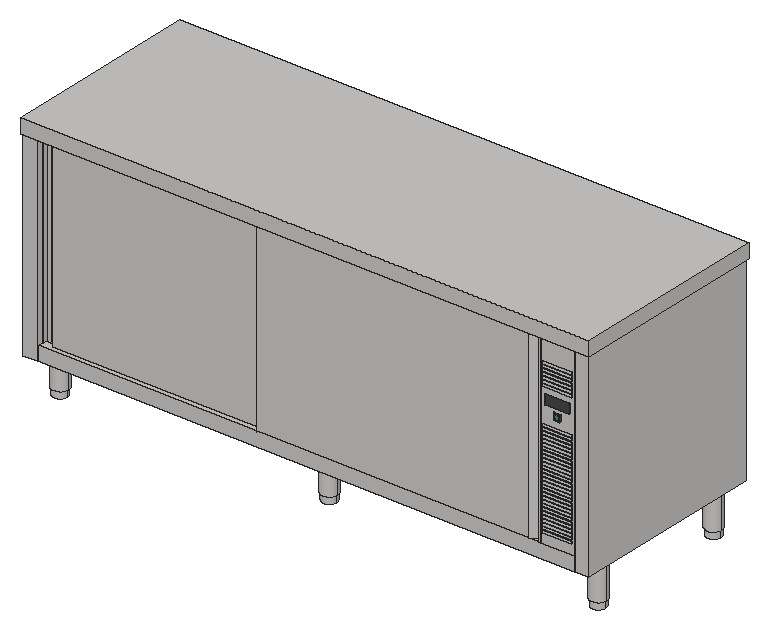
Revit family "QF_ELECTROLUXPROFESSIONAL_132790_MTC2000PN", category Attrezzature speciali, Revit 2020
Family settings
  Quota connettore circolare = Usa diametro
  Tipo di parte = Normale
  Basato su piano di lavoro = No
  Sempre verticale = Sì
  Taglio con vuoti quando caricato = No
  Condiviso = No
  Punto di calcolo locali = No
Parameters (values of type "Standard")
  Weight = 75.00 kg
  Watts = 2400 W
  Volts = 220 V
  URL Manufacturer = "https://www.electroluxprofessional.com/"
  URL = "https://www.electroluxprofessional.com/"
  Steam Supply Size = 0 mm
  Steam Supply Minimum Pressure = 0.0 Pa
  Steam Supply Maximum Pressure = 0.0 Pa
  Steam Consumption per Hour = 0
  Refrigeration Suction Line Size = 0.0 mm
  Refrigeration Liquid Line Size = 0.0 mm
  Refrigerant Compressor Remote = yes
  Prospetto di default = 0.0 mm
  Produttore = "Electrolux Professional"
  Phase = 1
  Modello = "MTC2000PN"
  Length Actual = 2000.0 mm  # constant formula
  Item Number = "132790"
  Hot Water Size = 0 mm
  Height Actual = 900.0 mm  # constant formula
  HP = "3.2 HP"
  Gas Size = 0 mm
  Gas KW = 0
  Gas Input Pressure = 0 W
  Direct Waste Size = 0 mm
  Descrizione = "HOT CUPB.VENTIL.+SHELF+SLIDING D. 2000MM"
  Depth Actual = 700.0 mm  # constant formula
  Cycle = 50 Hz
  Condensate Return Size = 0 mm
  Compressed Air Volume = 0.0 L/s
  Compressed Air Size = 0 mm
  Compressed Air Pressure = 0.0 Pa
  Cold Water Size = 0 mm
  Accessory = yes
Reference planes
  plane 1 "Center (Front/Back)": y = 0
  plane 2: z = 0
  plane 3 "Center (Left/Right)": x = -500
  plane 4 "LEFT": x = -1500
  plane 5 "RIGHT": x = 500
  plane 6 "BACK": y = 350
  plane 7 "FRONT": y = -350
  plane 8 "Base": z = 850
  plane 9 "TOP": z = 900
  plane 10: x = -1446.5
  plane 11: x = 446.5
  plane 12: y = 264.5
  plane 13: y = -241.5
  plane 14 "BodyLeft": x = -1494.5
  plane 15 "BodyFront": y = -344.5
  plane 16 "BodyRight": x = 494.5
  plane 17 "BodyBack": y = 344.5
  plane 18 "FEET": z = 150
  plane 19: x = 324.5
  plane 20: x = -561
  plane 21: x = 444.5
  plane 22 "EIx": x = 400
  plane 23 "EIy": y = -170
Forms (mm)
  Extrusion 1, solid, material "QF_Finishes_Stainless Steel"
    sketch origin (-500, 0, 0) x (0, 1, 0) y (0, 0, 1)
      loop
        line (-350, 850) -> (350, 850) -> (350, 900) -> (-350, 900) -> (-350, 850)
    from 1000 to -1000
  Extrusion 2, solid, material "QF_Finishes_Stainless Steel"
    sketch origin (0, 0, 150) x (-1, 0, 0) y (0, -1, 0)
      loop
        line (1494.5, -344.5) -> (1494.5, 344.5) -> (1444.5, 344.5) -> (1444.5, -344.5) -> (1494.5, -344.5)
      loop
        line (-444.5, -344.5) -> (-444.5, 344.5) -> (-494.5, 344.5) -> (-494.5, -344.5) -> (-444.5, -344.5)
    from 0 to 700
  Extrusion 3, solid, material "QF_Finishes_Stainless Steel"
    sketch origin (0, 0, 150) x (-1, 0, 0) y (0, -1, 0)
      loop
        line (1444.5, -344.5) -> (1444.5, 344.5) -> (-444.5, 344.5) -> (-444.5, -344.5) -> (1444.5, -344.5)
    from 0 to 50
  Extrusion 4, solid, material "QF_Finishes_Stainless Steel"
    sketch origin (-1, 0, 150) x (-1, 0, 0) y (0, -1, 0)
      loop
        line (-325.5, 344.5) -> (-325.5, 324.5) -> (670.5, 324.5) -> (670.5, 344.5) -> (-285.5, 344.5) -> (-305.5, 329.5) -> (-320.5, 329.5) -> (-320.5, 344.5) -> (-325.5, 344.5)
    from 50 to 700
  Extrusion 5, solid, material "QF_Finishes_Stainless Steel"
    sketch origin (1, 20, 150) x (1, 0, 0) y (0, 1, 0)
      loop
        line (-1445.5, -344.5) -> (-1440.5, -344.5) -> (-1440.5, -329.5) -> (-1425.5, -329.5) -> (-1405.5, -344.5) -> (-451.5, -344.5) -> (-451.5, -324.5) -> (-1445.5, -324.5) -> (-1445.5, -344.5)
    from 50 to 700
  Extrusion 6, solid, material "QF_Finishes_Stainless Steel"
    sketch origin (0, 0, 0) x (1, 0, 0) y (0, 1, 0)
      loop
        line (-1444.5, -304.5) -> (324.5, -304.5) -> (324.5, 324.5) -> (-1444.5, 324.5) -> (-1444.5, -304.5)
    from 500 to 540
  Extrusion 7, solid, material "QF_Finishes_Stainless Steel"
    sketch origin (0, 0, 0) x (1, 0, 0) y (0, 1, 0)
      loop
        line (444.5, 344.5) -> (-1444.5, 344.5) -> (-1444.5, 324.5) -> (444.5, 324.5) -> (444.5, 344.5)
    from 200 to 850
  Extrusion 8, solid, material "QF_Finishes_Stainless Steel"
    sketch origin (0, 0, 150) x (-1, 0, 0) y (0, -1, 0)
      loop
        circle (-400, 170) r 10
    from 0 to -5
Cuts and joins
  joined: Extrusion 3, Extrusion 7
Lines and regions (mm)
  symbolic lines
    curve 1: line (500, 350, 900) -> (-1500, 350, 900)
    curve 2: line (-1500, 350, 900) -> (-1500, -350, 900)
    curve 3: line (-1500, -350, 900) -> (500, -350, 900)
    curve 4: line (500, -350, 900) -> (500, 350, 900)
  symbolic lines, style "SpecialityEquipmentHiddenLines"
    curve 5: line (-1494.5, 344.5, 150) -> (494.5, 344.5, 150)
    curve 6: line (-1494.5, -344.5, 150) -> (-1494.5, 344.5, 150)
    curve 7: line (494.5, -344.5, 150) -> (-1494.5, -344.5, 150)
    curve 8: line (494.5, 344.5, 150) -> (494.5, -344.5, 150)
    curve 9: line (-1445.5, -304.5, 150) -> (-449.5, -304.5, 150)
    curve 10: line (-449.5, -304.5, 150) -> (-449.5, -324.5, 150)
    curve 11: line (-1445.5, -324.5, 150) -> (444.5, -324.5, 150)
    curve 12: line (444.5, -324.5, 150) -> (444.5, -344.5, 150)
    curve 13: line (-1445.5, -304.5, 150) -> (-1445.5, -324.5, 150)
    curve 14: line (-671.5, -344.5, 0) -> (-671.5, -324.5, 0)
Dimensions and locks
  plane 4 "LEFT" to plane 5 "RIGHT" = 2000.0 mm
  equal spacing: plane 4 "LEFT", plane 3 "Center (Left/Right)", plane 5 "RIGHT"
  locked: plane 8 "Base" to level at 850
  plane 9 "TOP" to level = 900.0 mm
  plane 6 "BACK" to plane 7 "FRONT" = 700.0 mm
  equal spacing: plane 6 "BACK", plane 1 "Center (Front/Back)", plane 7 "FRONT"
  locked: plane 4 "LEFT" to plane 14 "BodyLeft" at 5.5
  locked: plane 16 "BodyRight" to plane 5 "RIGHT" at 5.5
  locked: plane 15 "BodyFront" to plane 7 "FRONT" at 5.5
  locked: plane 6 "BACK" to plane 17 "BodyBack" at 5.5
  locked: plane 14 "BodyLeft" to plane 10 at 48
  locked: plane 11 to plane 16 "BodyRight" at 48
  locked: plane 13 to plane 15 "BodyFront" at 103
  locked: plane 17 "BodyBack" to plane 12 at 80
  plane 10 to plane 11 = 1893.0 mm
  plane 12 to plane 13 = 506.0 mm
  locked: plane 14 "BodyLeft" to Extrusion 2 sketch curve at 50
  locked: Extrusion 2 sketch curve to Extrusion 2 sketch curve at 50
  equal spacing: plane 10, plane 20, plane 19
  locked: plane 21 to plane 16 "BodyRight" at 50
  locked: plane 19 to plane 21 at 120
  locked: Extrusion 4 sketch curve to plane 20 at 110.5
  locked: plane 20 to Extrusion 5 sketch curve at 110.5
  locked: plane 18 "FEET" to level at 150
  locked: plane 22 "EIx" to plane 5 "RIGHT" at 100
  plane 23 "EIy" to plane 7 "FRONT" = 180.0 mm
  aligned and locked: level to plane 2
  aligned and locked: plane 10 to nested 1
  aligned and locked: nested 1 to plane 13
  aligned and locked: plane 11 to nested 2
  aligned and locked: nested 2 to plane 13
  aligned and locked: plane 11 to nested 4
  aligned and locked: nested 4 to plane 12
  aligned and locked: plane 10 to nested 3
  aligned and locked: nested 3 to plane 12
  aligned and locked: Extrusion 1 to plane 4 "LEFT"
  aligned and locked: plane 5 "RIGHT" to Extrusion 1
  aligned and locked: curve 2 to plane 4 "LEFT"
  aligned and locked: plane 17 "BodyBack" to Extrusion 2 sketch curve
  aligned and locked: Extrusion 2 sketch curve to plane 15 "BodyFront"
  aligned and locked: Extrusion 2 sketch curve to plane 14 "BodyLeft"
  aligned and locked: plane 16 "BodyRight" to Extrusion 2 sketch curve
  aligned and locked: Extrusion 2 sketch curve to plane 17 "BodyBack"
  aligned and locked: plane 15 "BodyFront" to Extrusion 2 sketch curve
  aligned and locked: Extrusion 3 sketch curve to plane 17 "BodyBack"
  aligned and locked: plane 15 "BodyFront" to Extrusion 3 sketch curve
  aligned and locked: plane 8 "Base" to Extrusion 2
  aligned and locked: plane 8 "Base" to Extrusion 4
  aligned and locked: Extrusion 4 to Extrusion 3
  aligned and locked: Extrusion 1 to plane 8 "Base"
  aligned and locked: plane 9 "TOP" to Extrusion 1
  aligned and locked: curve 5 to plane 17 "BodyBack"
  aligned and locked: plane 14 "BodyLeft" to curve 6
  aligned and locked: plane 15 "BodyFront" to curve 7
  aligned and locked: plane 16 "BodyRight" to curve 8
  aligned and locked: Extrusion 3 to Extrusion 2  (x2)
  aligned and locked: Extrusion 6 sketch curve to Extrusion 2
  aligned and locked: Extrusion 6 sketch curve to Extrusion 5
  aligned and locked: nested 5 to plane 21
  aligned and locked: Extrusion 7 sketch curve to Extrusion 2
  aligned and locked: Extrusion 6 sketch curve to plane 19
  aligned and locked: plane 3 "Center (Left/Right)" to nested 6
  aligned and locked: plane 3 "Center (Left/Right)" to nested 7
Automatic sketch dimensions
  curve 14 to plane 15 "BodyFront" = 0.0 mm
  plane 15 "BodyFront" to curve 14 = 20.0 mm
  curve 14 to plane 20 = 110.5 mm
  curve 3 to plane 7 "FRONT" = 0.0 mm
  curve 4 to plane 6 "BACK" = 0.0 mm
  Extrusion 1 sketch curve to plane 7 "FRONT" = 0.0 mm
  Extrusion 1 sketch curve to plane 6 "BACK" = 0.0 mm
  Extrusion 1 sketch curve to plane 8 "Base" = 0.0 mm
  Extrusion 1 sketch curve to plane 9 "TOP" = 0.0 mm
  Extrusion 3 sketch curve to plane 21 = 0.0 mm
  plane 10 to Extrusion 3 sketch curve = 2.0 mm
  Extrusion 4 sketch curve to plane 19 = 0.0 mm
  Extrusion 4 sketch curve to plane 15 "BodyFront" = 0.0 mm  (x2)
  Extrusion 4 sketch curve to Extrusion 4 sketch curve = 5.0 mm
  Extrusion 4 sketch curve to Extrusion 4 sketch curve = 15.0 mm  (x2)
  Extrusion 4 sketch curve to Extrusion 4 sketch curve = 20.0 mm  (x2)
  Extrusion 5 sketch curve to plane 15 "BodyFront" = 20.0 mm  (x2)
  Extrusion 5 sketch curve to plane 10 = 42.0 mm
  Extrusion 5 sketch curve to plane 10 = 22.0 mm
  Extrusion 5 sketch curve to plane 10 = 7.0 mm
  Extrusion 5 sketch curve to plane 10 = 2.0 mm
  Extrusion 5 sketch curve to Extrusion 5 sketch curve = 15.0 mm
  Extrusion 5 sketch curve to Extrusion 5 sketch curve = 20.0 mm
  curve 12 to plane 21 = 0.0 mm
  curve 7 to plane 15 "BodyFront" = 0.0 mm
  plane 3 "Center (Left/Right)" to curve 9 = 50.5 mm
  plane 10 to curve 11 = 1.0 mm
  plane 15 "BodyFront" to curve 9 = 40.0 mm
  curve 11 to curve 12 = 20.0 mm
  plane 12 to Extrusion 6 sketch curve = 60.0 mm
  Extrusion 7 sketch curve to plane 17 "BodyBack" = 0.0 mm
  Extrusion 7 sketch curve to plane 21 = 0.0 mm
  Extrusion 7 sketch curve to plane 17 "BodyBack" = 20.0 mm
  curve 4 to plane 5 "RIGHT" = 0.0 mm
  Extrusion 8 sketch curve to plane 22 "EIx" = 0.0 mm
  Extrusion 8 sketch curve to plane 23 "EIy" = 0.0 mm
  radius of Extrusion 8 sketch curve = 10.0 mm
Nested families
  nested 1: "FEET_D58-150" at (-1446.5, -241.5, 0), type "FEET_D58-150"
  nested 2: "FEET_D58-150" at (446.5, -241.5, 0), type "FEET_D58-150"
  nested 3: "FEET_D58-150" at (-1446.5, 264.5, 0), type "FEET_D58-150"
  nested 4: "FEET_D58-150" at (446.5, 264.5, 0), type "FEET_D58-150"
  nested 5: "WT_PNL120x650" at (531.42, -304.5, 600) x (1, 0, 0) z (0, -1, 0), type "WT_PNL120x650"
    with Show Logo yes
  nested 6: "FEET_D58-150" at (-500, -241.5, 0), type "FEET_D58-150"
  nested 7: "FEET_D58-150" at (-500, 264.5, 0), type "FEET_D58-150"
Connectors
  electrical at (400, -170, 145)
    settings: on Extrusion 8, index 1, voltage 0 V, apparent load 0 VA, apparent load phase1 0 VA, apparent load phase2 0 VA, apparent load phase3 0 VA, power factor 1, load classification "Other", number of poles 1, system type 30, power factor state 1, is connector primary yes, connector utility no, sub classification motor no, connector description "Electrical connection"
Definition of nested family "FEET_D58-150"
  Parameters
    Default Elevation = 0.0 mm
    FEET = 150.0 mm
  Reference planes
    plane 1 "Center (Front/Back)": y = 0
    plane 2: z = 0
    plane 3 "Center (Left/Right)": x = 0
    plane 4: z = 150
  Forms (mm)
    Extrusion 1, solid
      sketch origin (0, 0, 0) x (1, 0, 0) y (0, 1, 0)
        loop
          circle (0, 0) r 25
      from 0 to 25
    Extrusion 2, solid
      sketch origin (0, 0, 0) x (1, 0, 0) y (0, 1, 0)
        loop
          circle (0.061, 0) r 29
      from 25 to 150 <- "FEET"
  Lines and regions (mm)
    symbolic lines
      curve 1: line (0, -1.503, 0) -> (0, 1.508, 0)
      curve 2: line (1.561, 0, 0) -> (-1.439, 0, 0)
  Dimensions and locks
    "FEET": plane 4 to plane 2
    aligned and locked: level to plane 2
  Automatic sketch dimensions
    plane 1 "Center (Front/Back)" to Extrusion 1 sketch curve = 0.0 mm
    Extrusion 1 sketch curve to plane 3 "Center (Left/Right)" = 0.0 mm
    plane 1 "Center (Front/Back)" to curve 2 = 0.0 mm
    curve 1 to plane 3 "Center (Left/Right)" = 0.0 mm
    curve 2 to plane 3 "Center (Left/Right)" = 1.439 mm
    plane 3 "Center (Left/Right)" to curve 2 = 1.561 mm
    plane 1 "Center (Front/Back)" to curve 1 = 1.503 mm
    curve 1 to plane 1 "Center (Front/Back)" = 1.508 mm
    plane 1 "Center (Front/Back)" to Extrusion 2 sketch curve = 0.0 mm
    plane 3 "Center (Left/Right)" to Extrusion 2 sketch curve = 0.061 mm
    radius of Extrusion 1 sketch curve = 25.0 mm
    radius of Extrusion 2 sketch curve = 29.0 mm
Definition of nested family "WT_PNL120x650"
  Parameters
    Show Logo [instance] = yes
    Default Elevation = 1219.2 mm
  Reference planes
    plane 1 "Center (Front/Back)": y = -75
    plane 2: z = 0
    plane 3 "Center (Left/Right)": x = -146.92
    plane 4: x = -206.92
    plane 5: x = -86.92
    plane 6: y = 250
    plane 7: y = -400
    plane 8 "TOP": z = 40
  Forms (mm)
    Extrusion 1, solid
      sketch origin (0, 0, 0) x (1, 0, 0) y (0, 1, 0)
        loop
          line (-1219.2, 1219.2) -> (-1219.2, -1219.2) -> (1219.2, -1219.2) -> (1219.2, 1219.2) -> (-1219.2, 1219.2)
      from 0 to -304.8
    Extrusion 2, solid
      sketch origin (0, 0, 0) x (1, 0, 0) y (0, 1, 0)
        loop
          line (-206.92, 250) -> (-206.92, -400) -> (-86.92, -400) -> (-86.92, 250) -> (-206.92, 250)
      from 0 to 40
    Extrusion 3, void
      sketch origin (0, 0, 40) x (-1, 0, 0) y (0, -1, 0)
        loop
          arc (101.92, -68.899) -> (103.795, -73.256) -> (108.247, -74.89) r 6
          line (108.247, -74.89) -> (185.92, -74.89)
          arc (185.92, -74.89) -> (190.163, -73.133) -> (191.92, -68.89) r 6
          line (191.92, -68.89) -> (191.92, -45.89)
          arc (191.92, -45.89) -> (190.163, -41.648) -> (185.92, -39.89) r 6
          line (185.92, -39.89) -> (107.92, -39.89)
          arc (107.92, -39.89) -> (103.677, -41.648) -> (101.92, -45.89) r 6
          line (101.92, -45.89) -> (101.92, -68.899)
        loop
          line (158.92, -27.89) -> (158.92, -2.89) -> (134.92, -2.89) -> (134.92, -27.89) -> (158.92, -27.89)
      from -2 to 0
    Extrusion 4, solid
      sketch origin (0, 0, 40) x (-1, 0, 0) y (0, -1, 0)
        loop
          line (185.92, -39.89) -> (107.92, -39.89)
          arc (107.92, -39.89) -> (103.677, -41.648) -> (101.92, -45.89) r 6
          line (101.92, -45.89) -> (101.92, -68.899)
          arc (101.92, -68.899) -> (103.795, -73.256) -> (108.247, -74.89) r 6
          line (108.247, -74.89) -> (185.92, -74.89)
          arc (185.92, -74.89) -> (190.163, -73.133) -> (191.92, -68.89) r 6
          line (191.92, -68.89) -> (191.92, -45.89)
          arc (191.92, -45.89) -> (190.163, -41.648) -> (185.92, -39.89) r 6
      from -2 to 1
    Extrusion 5, solid
      sketch origin (-146.92, 0, 0) x (0, 1, 0) y (0, 0, 1)
        loop
          line (95.896, 40) -> (104.899, 40) -> (95.896, 41.206) -> (95.896, 40)
        loop
          line (107.896, 40) -> (116.899, 40) -> (107.896, 41.206) -> (107.896, 40)
        loop
          line (119.896, 40) -> (128.899, 40) -> (119.896, 41.206) -> (119.896, 40)
        loop
          line (131.896, 40) -> (140.899, 40) -> (131.896, 41.206) -> (131.896, 40)
        loop
          line (143.896, 40) -> (152.899, 40) -> (143.896, 41.206) -> (143.896, 40)
        loop
          line (155.896, 40) -> (164.899, 40) -> (155.896, 41.206) -> (155.896, 40)
        loop
          line (167.896, 40) -> (176.899, 40) -> (167.896, 41.206) -> (167.896, 40)
        loop
          line (-102.104, 40) -> (-93.101, 40) -> (-102.104, 41.206) -> (-102.104, 40)
        loop
          line (-90.104, 40) -> (-81.101, 40) -> (-90.104, 41.206) -> (-90.104, 40)
        loop
          line (-78.104, 40) -> (-69.101, 40) -> (-78.104, 41.206) -> (-78.104, 40)
        loop
          line (-66.104, 40) -> (-57.101, 40) -> (-66.104, 41.206) -> (-66.104, 40)
        loop
          line (-54.104, 40) -> (-45.101, 40) -> (-54.104, 41.206) -> (-54.104, 40)
        loop
          line (-42.104, 40) -> (-33.101, 40) -> (-42.104, 41.206) -> (-42.104, 40)
        loop
          line (-30.104, 40) -> (-21.101, 40) -> (-30.104, 41.206) -> (-30.104, 40)
        loop
          line (-174.104, 40) -> (-165.101, 40) -> (-174.104, 41.206) -> (-174.104, 40)
        loop
          line (-162.104, 40) -> (-153.101, 40) -> (-162.104, 41.206) -> (-162.104, 40)
        loop
          line (-150.104, 40) -> (-141.101, 40) -> (-150.104, 41.206) -> (-150.104, 40)
        loop
          line (-138.104, 40) -> (-129.101, 40) -> (-138.104, 41.206) -> (-138.104, 40)
        loop
          line (-126.104, 40) -> (-117.101, 40) -> (-126.104, 41.206) -> (-126.104, 40)
        loop
          line (-114.104, 40) -> (-105.101, 40) -> (-114.104, 41.206) -> (-114.104, 40)
        loop
          line (-246.104, 40) -> (-237.101, 40) -> (-246.104, 41.206) -> (-246.104, 40)
        loop
          line (-234.104, 40) -> (-225.101, 40) -> (-234.104, 41.206) -> (-234.104, 40)
        loop
          line (-222.104, 40) -> (-213.101, 40) -> (-222.104, 41.206) -> (-222.104, 40)
        loop
          line (-210.104, 40) -> (-201.101, 40) -> (-210.104, 41.206) -> (-210.104, 40)
        loop
          line (-198.104, 40) -> (-189.101, 40) -> (-198.104, 41.206) -> (-198.104, 40)
        loop
          line (-186.104, 40) -> (-177.101, 40) -> (-186.104, 41.206) -> (-186.104, 40)
        loop
          line (-318.104, 40) -> (-309.101, 40) -> (-318.104, 41.206) -> (-318.104, 40)
        loop
          line (-306.104, 40) -> (-297.101, 40) -> (-306.104, 41.206) -> (-306.104, 40)
        loop
          line (-294.104, 40) -> (-285.101, 40) -> (-294.104, 41.206) -> (-294.104, 40)
        loop
          line (-282.104, 40) -> (-273.101, 40) -> (-282.104, 41.206) -> (-282.104, 40)
        loop
          line (-270.104, 40) -> (-261.101, 40) -> (-270.104, 41.206) -> (-270.104, 40)
        loop
          line (-258.104, 40) -> (-249.101, 40) -> (-258.104, 41.206) -> (-258.104, 40)
        loop
          line (-366.104, 40) -> (-357.101, 40) -> (-366.104, 41.206) -> (-366.104, 40)
        loop
          line (-354.104, 40) -> (-345.101, 40) -> (-354.104, 41.206) -> (-354.104, 40)
        loop
          line (-342.104, 40) -> (-333.101, 40) -> (-342.104, 41.206) -> (-342.104, 40)
        loop
          line (-330.104, 40) -> (-321.101, 40) -> (-330.104, 41.206) -> (-330.104, 40)
      from -50 to 50
    Extrusion 6, solid
      sketch origin (0, 0, 40) x (-1, 0, 0) y (0, -1, 0)
        loop
          line (134.92, -27.89) -> (158.92, -27.89) -> (158.92, -2.89) -> (134.92, -2.89) -> (134.92, -27.89)
        loop
          circle (146.92, -15.39) r 9
      from -2 to 3
    Extrusion 7, solid
      sketch origin (0, 0, 40) x (-1, 0, 0) y (0, -1, 0)
        loop
          circle (146.92, -15.39) r 9
      from 0 to 3
  Cuts and joins
    Extrusion 3 cuts Extrusion 2
  Dimensions and locks
    equal spacing: plane 6, plane 1 "Center (Front/Back)", plane 7
    equal spacing: plane 4, plane 3 "Center (Left/Right)", plane 5
    plane 8 "TOP" to level = 40.0 mm
    aligned and locked: plane 2 to Extrusion 1
    aligned and locked: level to Extrusion 1
  Automatic sketch dimensions
    Extrusion 1 sketch curve to Extrusion 1 sketch curve = 2438.4 mm  (x2)
    Extrusion 2 sketch curve to plane 4 = 0.0 mm
    Extrusion 2 sketch curve to plane 5 = 0.0 mm
    Extrusion 2 sketch curve to plane 7 = 0.0 mm
    Extrusion 2 sketch curve to plane 6 = 0.0 mm
    Extrusion 5 sketch curve to plane 8 "TOP" = 0.0 mm  (x36)
    Extrusion 5 sketch curve to Extrusion 5 sketch curve = 9.003 mm  (x35)
    plane 8 "TOP" to Extrusion 5 sketch curve = 1.206 mm  (x22)
    Extrusion 5 sketch curve to Extrusion 5 sketch curve = 2.997 mm  (x33)
    plane 1 "Center (Front/Back)" to Extrusion 5 sketch curve = 6.101 mm
    plane 1 "Center (Front/Back)" to Extrusion 5 sketch curve = 3.104 mm
    Extrusion 5 sketch curve to plane 1 "Center (Front/Back)" = 5.899 mm
    Extrusion 5 sketch curve to Extrusion 5 sketch curve = 116.997 mm
    Extrusion 5 sketch curve to Extrusion 5 sketch curve = 1.206 mm  (x14)
    Extrusion 4 sketch curve to plane 5 = 15.0 mm
    Extrusion 4 sketch curve to Extrusion 4 sketch curve = 6.0 mm  (x3)
    Extrusion 4 sketch curve to Extrusion 4 sketch curve = 0.327 mm
    plane 4 to Extrusion 4 sketch curve = 21.0 mm  (x2)
    Extrusion 4 sketch curve to plane 1 "Center (Front/Back)" = 149.89 mm
    Extrusion 4 sketch curve to Extrusion 4 sketch curve = 23.009 mm
    Extrusion 3 sketch curve to plane 5 = 15.0 mm
    Extrusion 3 sketch curve to Extrusion 3 sketch curve = 6.0 mm  (x3)
    Extrusion 3 sketch curve to Extrusion 3 sketch curve = 0.327 mm
    plane 3 "Center (Left/Right)" to Extrusion 3 sketch curve = 12.0 mm
    Extrusion 3 sketch curve to plane 3 "Center (Left/Right)" = 12.0 mm
    plane 4 to Extrusion 3 sketch curve = 21.0 mm  (x2)
    Extrusion 3 sketch curve to plane 1 "Center (Front/Back)" = 149.89 mm
    Extrusion 3 sketch curve to Extrusion 3 sketch curve = 23.0 mm
    Extrusion 3 sketch curve to Extrusion 3 sketch curve = 12.0 mm
    Extrusion 3 sketch curve to Extrusion 3 sketch curve = 25.0 mm
    Extrusion 6 sketch curve to plane 3 "Center (Left/Right)" = 0.0 mm
    plane 3 "Center (Left/Right)" to Extrusion 6 sketch curve = 12.0 mm
    Extrusion 6 sketch curve to plane 3 "Center (Left/Right)" = 12.0 mm
    Extrusion 6 sketch curve to plane 1 "Center (Front/Back)" = 102.89 mm
    Extrusion 6 sketch curve to Extrusion 6 sketch curve = 12.5 mm  (x2)
    Extrusion 7 sketch curve to plane 3 "Center (Left/Right)" = 0.0 mm
    Extrusion 7 sketch curve to plane 1 "Center (Front/Back)" = 90.39 mm
    radius of Extrusion 6 sketch curve = 9.0 mm
    radius of Extrusion 7 sketch curve = 9.0 mm
